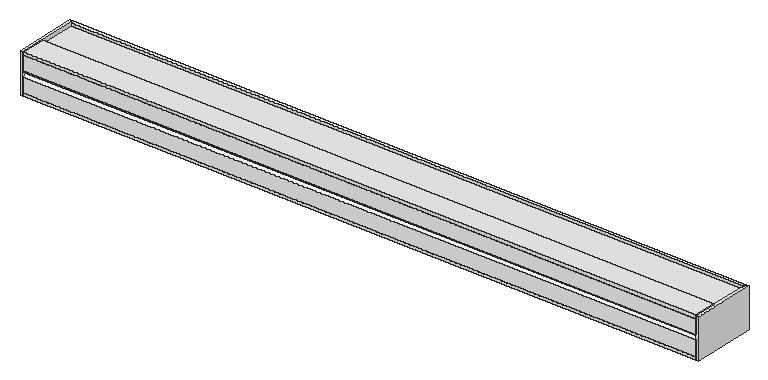
Revit family "4070749+4070747 Feilo Sylvania Lighting Fixture CURSUS 591MM 435LM OVAL LED 4K with SINGLE WALL HOUSING", category Lighting Fixtures, host Face, Revit 2017
Family settings
  Host = Face
  Round Connector Dimension = Use Diameter
  Part Type = Normal
  OmniClass Number = 23.80.70.14
  OmniClass Title = Luminaries for External Lighting
  Cut with Voids When Loaded = Yes
  Light Source = Yes
  Shared = Yes
  Room Calculation Point = No
Parameters (values of type "4070749 CURSUS 591MM 435LM OVAL LED 4K")
  Width_FEILO = 35 mm
  Weight = "1.2 kg"
  Wattage Comments = "n/a"
  Wattage = 9 W
  WarrantyStartDate [instance] = "n/a"
  WarrantyGuarantorParts = "n/a"
  WarrantyDurationUnit = "n/a"
  WarrantyDurationParts = "n/a"
  WarrantyDescription = "n/a"
  WallThickness_FEILO = 2.5 mm
  built-in parameter 1150110 = 1 (stored number, unit not read)
  Voltage = 24 V
  URL = "http://www.sylvania-lighting.com"
  TypeName = "CURSUS 591MM 435LM OVAL LED 4K"
  Type Image = <None>
  Type Comments = "n/a"
  built-in parameter 1114217 = 1 (stored number, unit not read)
  Tilt Angle = -90.00°
  built-in parameter 1150109 = 1 (stored number, unit not read)
  built-in parameter 1150134 = 12
  built-in parameter 1150113 = 1 (stored number, unit not read)
  SerialNumber [instance] = "n/a"
  ReflectorMaterial = none
  PowerFactor = 0
  PowerConsumption = "9 W"
  Photometric Web File = "4070749.ies"
  NominalLength = 591 mm
  NominalHeight = 50 mm
  NominalDepth = 30 mm
  Name = "CURSUS 591MM 435LM OVAL LED 4K"
  ModelReference = Name  # "CURSUS 591MM 435LM OVAL LED 4K"
  ModelNumber = "4070749"
  Model = Name  # "CURSUS 591MM 435LM OVAL LED 4K"
  Material = "natural anodised extruded aluminium structure housing, optical system with pmma lenses diffuser"
  ManufacturerName = "Feilo Sylvania"
  Manufacturer = "Feilo Sylvania"
  LuminousEfficacy = "48.33 lm/W"
  built-in parameter 1150105 = 595.73 (stored number, unit not read)
  Lumens = 435 lm
  LuminaireType = ""
  built-in parameter 1150115 = 1 (stored number, unit not read)
  LightOutputRatio = "100"
  built-in parameter 1150137 = (empty or 0)
  built-in parameter 1150139 = (empty or 0)
  Length_FEILO = 597 mm
  LampsType = Lamp  # "LED"
  LampNominalLuminous = "435 lm"
  LampMacAdamStep = "n/a"
  LampColourTemperature = "4000 K"
  LampColourRenderingIndex = "80"
  built-in parameter 1150112 = 1 (stored number, unit not read)
  built-in parameter 1150114 = 1 (stored number, unit not read)
  Lamp = "LED"
  Keynote = "16500"
  InstallationDate [instance] = "n/a"
  InputVoltage = "24V DC"
  InputNominalFrequency = "n/a"
  built-in parameter 1150132 = (empty or 0)
  built-in parameter 1150102 = (empty or 0)
  built-in parameter 1150107 = 4000 (stored number, unit not read)
  built-in parameter 1150138 = (empty or 0)
  IngressProtection = "IP67"
  ImpactProtectionIndex = "IK07"
  built-in parameter 1150106 = 5.9573 (stored number, unit not read)
  IfcExportType = "IfcLightFixtureType"
  IfcExportAs = "IfcLightFixtureType"
  ExpectedLife = 50000
  EndCapRight [instance] = yes
  EndCapLeft [instance] = yes
  Emit from Rectangle Width = Width_FEILO - WallThickness_FEILO * 2  # 30 mm
  Emit from Rectangle Length = Length_FEILO - WallThickness_FEILO * 2  # 592 mm
  Emit Shape Visible in Rendering = no
  ElectricShockClassification = "Class III"
  built-in parameter 1150104 = 4.4903 (stored number, unit not read)
  DurationUnit = "hours"
  DocumentationLiterature = "http://www.sylvania-lighting.com/product/en-int/products/4070749"
  DimmingControlOptions = "n/a"
  Dimming Lamp Color Temperature Shift = <None>
  DiffuserMaterial = Diffuser-Sylvania-Glow
  Description = "LED Exterior Lighting Recessed Surface Mounted Linear Fixture, Natural anodised extruded aluminium structure. Die-cast aluminium end caps. Installation kit with harmonic steel springs., 435 lm, 9W, 48lm/W, 4000K, CRI80+,non dimmable,IP67, IK07, (HxWxD) 591x50x30mm, 3 step Mac Adam Ellipse, 1.2kg,, Classe III, 21-25V-DC, energy class : A++, A+, A"
  Default Elevation = 1219.2 mm
  CreatedOn = "1/8/2018"
  CreatedBy = ""
  Cost = 0
  Color Filter = 16777215
  built-in parameter 1114216 [instance] = (empty or 0)
  ClassificationValue = "EF_70_80"
  ClassificationName = "Uniclass2015"
  BodyMaterial = Body-Sylvania-Gray
  BarCode [instance] = "n/a"
  built-in parameter 1114218 = 1 (stored number, unit not read)
  built-in parameter 1150133 = 10 (stored number, unit not read)
  AssetType = "Fixed"
  AssetIdentifier [instance] = "n/a"
  Assembly Code = "D5020200"
  Apparent Load = 9 VA
  AccessoryMaterial = Diffuser-Sylvania-Glow
Reference planes
  plane 1 "Center (Front/Back)": y = 0
  plane 2: z = 0
  plane 3 "Center (Left/Right)": x = 0
  plane 4: x = 298.5
  plane 5: x = -298.5
  plane 6: x = -296
  plane 7: x = 296
  plane 8: z = 35
  plane 9: z = 17.5
  plane 10: z = 32.5
  plane 11: z = 2.5
  plane 12: z = 30
  plane 13: z = 5
  plane 14: y = -55
  plane 15: y = -53
  plane 16: y = -2.5
  plane 17: y = -37
  plane 18: y = -34.5
Forms (mm)
  Extrusion 1, solid, material "Body-Sylvania-Gray" <- "BodyMaterial"
    sketch origin (0, 0, 0) x (0, 1, 0) y (0, 0, 1)
      loop
        line (0, 35) -> (-2.5, 35) -> (-2.5, 32.5) -> (-34.5, 32.5) -> (-34.5, 35) -> (-55, 35) -> (-55, 32.5) -> (-37, 32.5) -> (-37, 30) -> (-2.5, 30) -> (-2.5, 5) -> (-37, 5) -> (-37, 2.5) -> (-55, 2.5) -> (-55, 0) -> (-34.5, 0) -> (-34.5, 2.5) -> (-2.5, 2.5) -> (-2.5, 0) -> (0, 0) -> (0, 35)
    from -296 to 296
  Extrusion 2, solid, material "Diffuser-Sylvania-Glow" <- "DiffuserMaterial"
    sketch origin (0, 0, 0) x (0, 1, 0) y (0, 0, 1)
      loop
        line (-37, 32.5) -> (-55, 32.5) -> (-55, 19.5) -> (-53, 17.5) -> (-55, 15.5) -> (-55, 2.5) -> (-37, 2.5) -> (-37, 32.5)
    from -296 to 296
  Extrusion 3, solid, material "Body-Sylvania-Gray" <- "BodyMaterial", visible <- "EndCapRight"
    sketch origin (296, 1524, 1219.2) x (0, 1, 0) y (0, 0, 1)
      loop
        line (-1579, -1184.2) -> (-1579, -1219.2) -> (-1524, -1219.2) -> (-1524, -1184.2) -> (-1579, -1184.2)
    from 0 to 2.5
  Extrusion 4, solid, material "Body-Sylvania-Gray" <- "BodyMaterial", visible <- "EndCapLeft"
    sketch origin (-296, 1524, 1219.2) x (0, 1, 0) y (0, 0, 1)
      loop
        line (-1579, -1184.2) -> (-1579, -1219.2) -> (-1524, -1219.2) -> (-1524, -1184.2) -> (-1579, -1184.2)
    from -2.5 to 0
Dimensions and locks
  equal spacing: plane 5, plane 3 "Center (Left/Right)", plane 4
  "Length_FEILO": plane 5 to plane 4
  equal spacing: plane 6, plane 3 "Center (Left/Right)", plane 7
  "WallThickness_FEILO": plane 5 to plane 6
  locked: plane 9 to plane 2 at 17.5
  locked: plane 8 to plane 2 at 35
  equal spacing: plane 11, plane 9, plane 10
  equal spacing: plane 13, plane 9, plane 12
  "WallThickness_FEILO": plane 12 to plane 10
  locked: plane 14 to plane 15 at 2
  locked: plane 14 to plane 17 at 18
  "WallThickness_FEILO": plane 17 to plane 18
  "WallThickness_FEILO": plane 16 to plane 1 "Center (Front/Back)"
  locked: plane 15 to Extrusion 2 sketch curve (angle 45.00°)
  locked: Extrusion 2 sketch curve to plane 15 (angle 45.00°)
  aligned and locked: plane 2 to host face
  aligned and locked: level to host face
  aligned and locked: plane 1 "Center (Front/Back)" to Extrusion 1 sketch curve
  aligned and locked: Extrusion 1 sketch curve to plane 8  (x2)
  aligned and locked: plane 16 to Extrusion 1 sketch curve
  aligned and locked: host face to Extrusion 1 sketch curve
  aligned and locked: Extrusion 1 sketch curve to plane 16  (x2)
  aligned and locked: Extrusion 1 sketch curve to plane 11
  aligned and locked: plane 18 to Extrusion 1 sketch curve
  aligned and locked: level to Extrusion 1 sketch curve
  aligned and locked: plane 11 to Extrusion 1 sketch curve
  aligned and locked: Extrusion 1 sketch curve to plane 17
  aligned and locked: plane 13 to Extrusion 1 sketch curve
  aligned and locked: Extrusion 1 sketch curve to plane 12
  aligned and locked: plane 10 to Extrusion 1 sketch curve  (x2)
  aligned and locked: plane 17 to Extrusion 1 sketch curve  (x2)
  aligned and locked: plane 12 to Extrusion 1 sketch curve
  aligned and locked: Extrusion 1 sketch curve to plane 10
  aligned and locked: Extrusion 1 sketch curve to plane 18
  aligned and locked: plane 7 to Extrusion 1
  aligned and locked: Extrusion 1 to plane 6
  aligned and locked: Extrusion 2 sketch curve to Extrusion 1  (x4)
  aligned and locked: Extrusion 1 to Extrusion 2 sketch curve
  aligned and locked: plane 9 to Extrusion 2 sketch curve
  aligned and locked: plane 7 to Extrusion 2
  aligned and locked: Extrusion 2 to plane 6
  aligned and locked: Extrusion 3 sketch curve to Extrusion 1  (x4)
  aligned and locked: plane 4 to Extrusion 3
  aligned and locked: Extrusion 3 to plane 7
  aligned and locked: Extrusion 4 sketch curve to Extrusion 3  (x3)
  aligned and locked: Extrusion 4 sketch curve to Extrusion 1
  aligned and locked: Extrusion 4 to plane 5
  aligned and locked: plane 6 to Extrusion 4
  aligned and locked: plane 14 to imposter light
  aligned and locked: imposter light to plane 9
  aligned and locked: plane 3 "Center (Left/Right)" to imposter light
Automatic sketch dimensions
  host sketch curve to host sketch curve = 2438.4 mm  (x2)
  Extrusion 1 sketch curve to plane 14 = 0 mm  (x2)
  Extrusion 2 sketch curve to plane 15 = 0 mm
Connectors
  electrical at (0, 0, 0), driven by "Apparent Load", driven by "PowerFactor", driven by "Voltage"
    settings: index 1, voltage 24 V, apparent load 9 VA, apparent load phase1 0 VA, apparent load phase2 0 VA, apparent load phase3 0 VA, power factor 0, load classification "Lighting", number of poles 1, system type 30, power factor state 1, is connector primary yes, connector utility no, sub classification motor no, connector description ""
